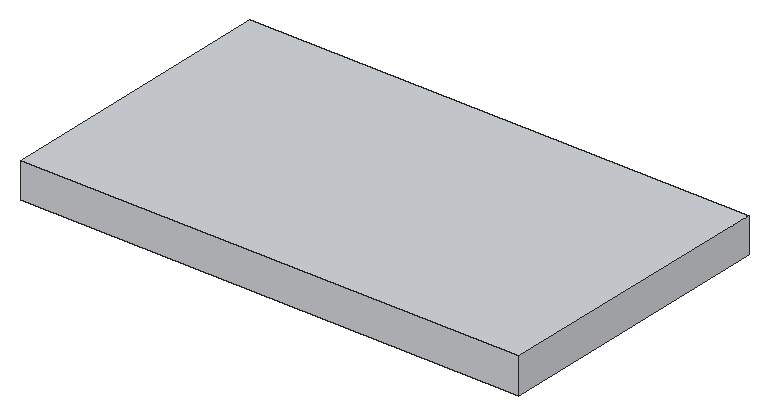
Revit family "3dad2a7aba86406fac6e86f7b88e18f8", category Electrical Equipment, host Face, Revit 2021
Family settings
  Host = Face
  Round Connector Dimension = Use Diameter
  Part Type = Other Panel
  OmniClass Number = 23.85.30.21.11.14
  OmniClass Title = Alarm Panels
  Seek Item ID = Annunciator Panel-0000-USA-ENU
  Cut with Voids When Loaded = No
  Shared = No
  Room Calculation Point = No
Parameters (values of type "Standard")
  Width = 1' - 0 1/4"
  Panel Material = none
  Length = 1' - 9 1/4"
  Height = 0' - 1 1/2"
  Default Elevation = 4' - 0"
Reference planes (in)
  plane 1 "Center (Front/Back)": y = 0
  plane 2: z = 0
  plane 3 "Center (Left/Right)": x = 0
  plane 4: x = -10.625
  plane 5: x = 10.625
  plane 6: y = -12.25
  plane 7: z = 1.5
Forms (in)
  Extrusion 1, solid, material <- "Panel Material"
    sketch origin (0, 0, 0) x (1, 0, 0) y (0, 1, 0)
      loop
        line (-10.625, 0) -> (-10.625, -12.25) -> (10.625, -12.25) -> (10.625, 0) -> (-10.625, 0)
    from 0 to 1.5
Dimensions and locks (in)
  "Width": plane 1 "Center (Front/Back)" to plane 6
  equal spacing: plane 4, plane 3 "Center (Left/Right)", plane 5
  "Length": plane 4 to plane 5
  "Height": plane 7 to plane 2
  aligned and locked: plane 2 to host face
  aligned and locked: level to host face
  aligned and locked: plane 4 to Extrusion 1 sketch curve
  aligned and locked: plane 1 "Center (Front/Back)" to Extrusion 1 sketch curve
  aligned and locked: plane 6 to Extrusion 1 sketch curve
  aligned and locked: Extrusion 1 sketch curve to plane 5
  aligned and locked: Extrusion 1 to plane 2
  aligned and locked: plane 7 to Extrusion 1
  aligned and locked: plane 5 to Extrusion 1
  aligned and locked: plane 2 to nested 1
  aligned and locked: plane 7 to nested 1
  aligned and locked: plane 4 to nested 1
  aligned and locked: plane 5 to nested 1
Automatic sketch dimensions
  host sketch curve to host sketch curve = 8' - 0"  (x2)
Nested families (in)
  nested 1: "Annunciator Panel Annotation" at (21.5, 0, -6.75) x (1, 0, 0) z (0, -1, 0), type "Annunciator Panel Annotation", detail levels coarse+medium
    with Width 0' - 1 1/2", Length 1' - 9 1/4"
Connectors (in)
  electrical at (0, 0, 0.75)
    settings: on Extrusion 1, index 1, voltage 0 V, apparent load 0 VA, apparent load phase1 0 VA, apparent load phase2 0 VA, apparent load phase3 0 VA, power factor 1, load classification "Other", number of poles 1, system type 11, power factor state 1, is connector primary yes, connector utility no, sub classification motor no, connector description ""
  cabletrayconduit at (0, 0, 0.75), diameter 24
    settings: on Extrusion 1, index 2, connector width 1' - 0", connector height 1' - 0", connector angle 0.00°, system type 32, placement type 1, profile type 0, connector reference index -1, is primary connector yes, connector utility param no, connector description ""
  cabletrayconduit at (-10.625, -6.125, 0.75), diameter 24
    settings: on Extrusion 1, index 3, connector width 1' - 0", connector height 1' - 0", connector angle 0.00°, system type 32, placement type 1, profile type 0, connector reference index -1, is primary connector no, connector utility param no, connector description ""
  cabletrayconduit at (10.625, -6.125, 0.75), diameter 24
    settings: on Extrusion 1, index 4, connector width 1' - 0", connector height 1' - 0", connector angle 0.00°, system type 32, placement type 1, profile type 0, connector reference index -1, is primary connector no, connector utility param no, connector description ""
  cabletrayconduit at (0, -6.125, 0), diameter 24
    settings: on Extrusion 1, index 5, connector width 1' - 0", connector height 1' - 0", connector angle 0.00°, system type 32, placement type 1, profile type 0, connector reference index -1, is primary connector no, connector utility param no, connector description ""
  cabletrayconduit at (0, -12.25, 0.75), diameter 24
    settings: on Extrusion 1, index 6, connector width 1' - 0", connector height 1' - 0", connector angle 0.00°, system type 32, placement type 1, profile type 0, connector reference index -1, is primary connector no, connector utility param no, connector description ""
Definition of nested family "Annunciator Panel Annotation"
  Parameters
    Width [instance] = 0' - 5"
    Length [instance] = 0' - 5"
    Assembly Code = ""
  Reference planes (in)
    plane 1 "Center (Front/Back)": y = 7.5
    plane 2: z = 0
    plane 3 "Center (Left/Right)": x = -21.5
    plane 4: x = -24
    plane 5: x = -19
    plane 6: y = 10
    plane 7: y = 5
  Lines and regions (in)
    Filled region 1, type "Solid Fill - Black", in view "Ref. Level"
      outline origin (-8.97937, 8.19179, 0) x (1, 0, 0) y (0, 1, 0)
        loop
          line (-12.90074, -0.47206) -> (-13.05029, -0.84221) -> (-12.99595, -0.84221) -> (-12.95281, -0.72984) -> (-12.79733, -0.72984) -> (-12.75696, -0.84221) -> (-12.70527, -0.84221) -> (-12.84714, -0.47206) -> (-12.90074, -0.47206)
        loop
          line (-12.81054, -0.68987) -> (-12.87224, -0.51066) -> (-12.93747, -0.68987) -> (-12.81054, -0.68987)
        loop
          line (-12.54556, -0.47206) -> (-12.69511, -0.84221) -> (-12.64077, -0.84221) -> (-12.59764, -0.72984) -> (-12.44216, -0.72984) -> (-12.40179, -0.84221) -> (-12.35009, -0.84221) -> (-12.49197, -0.47206) -> (-12.54556, -0.47206)
        loop
          line (-12.51707, -0.51066) -> (-12.5823, -0.68987) -> (-12.45536, -0.68987) -> (-12.51707, -0.51066)
        loop
          line (-12.33536, -0.47206) -> (-12.33536, -0.5165) -> (-12.13138, -0.5165) -> (-12.13138, -0.63166) -> (-12.30846, -0.63166) -> (-12.30846, -0.67463) -> (-12.13138, -0.67463) -> (-12.13138, -0.84221) -> (-12.0846, -0.84221) -> (-12.0846, -0.47206) -> (-12.33536, -0.47206)
    detail lines, in view "Ref. Level"
      curve 1: line (-24, 10, 0) -> (-19, 10, 0)
      curve 2: line (-24, 5, 0) -> (-24, 10, 0)
      curve 3: line (-19, 5, 0) -> (-24, 5, 0)
      curve 4: line (-19, 10, 0) -> (-19, 5, 0)
      curve 5: line (-21.32946, 7.34958, 0) -> (-21.38115, 7.34958, 0)
      curve 6: line (-21.47134, 7.71973, 0) -> (-21.52493, 7.71973, 0)
      curve 7: line (-21.52493, 7.71973, 0) -> (-21.67448, 7.34958, 0)
      curve 8: line (-21.67448, 7.34958, 0) -> (-21.62014, 7.34958, 0)
      curve 9: line (-21.47134, 7.71973, 0) -> (-21.32946, 7.34958, 0)
      curve 10: line (-21.62014, 7.34958, 0) -> (-21.57701, 7.46195, 0)
      curve 11: line (-21.57701, 7.46195, 0) -> (-21.42152, 7.46195, 0)
      curve 12: line (-21.42152, 7.46195, 0) -> (-21.38115, 7.34958, 0)
      curve 13: line (-21.56167, 7.50192, 0) -> (-21.49644, 7.68114, 0)
      curve 14: line (-21.49644, 7.68114, 0) -> (-21.43473, 7.50192, 0)
      curve 15: line (-21.43473, 7.50192, 0) -> (-21.56167, 7.50192, 0)
      curve 16: line (-21.31473, 7.71973, 0) -> (-21.06397, 7.71973, 0)
      curve 17: line (-21.06397, 7.71973, 0) -> (-21.06397, 7.34958, 0)
      curve 18: line (-21.06397, 7.34958, 0) -> (-21.11075, 7.34958, 0)
      curve 19: line (-21.11075, 7.34958, 0) -> (-21.11075, 7.51716, 0)
      curve 20: line (-21.11075, 7.51716, 0) -> (-21.28783, 7.51716, 0)
      curve 21: line (-21.28783, 7.51716, 0) -> (-21.28783, 7.56013, 0)
      curve 22: line (-21.28783, 7.56013, 0) -> (-21.11075, 7.56013, 0)
      curve 23: line (-21.11075, 7.56013, 0) -> (-21.11075, 7.6753, 0)
      curve 24: line (-21.11075, 7.6753, 0) -> (-21.31473, 7.6753, 0)
      curve 25: line (-21.31473, 7.6753, 0) -> (-21.31473, 7.71973, 0)
      curve 26: line (-21.68463, 7.34958, 0) -> (-21.73633, 7.34958, 0)
      curve 27: line (-21.82651, 7.71973, 0) -> (-21.88011, 7.71973, 0)
      curve 28: line (-21.88011, 7.71973, 0) -> (-22.02966, 7.34958, 0)
      curve 29: line (-22.02966, 7.34958, 0) -> (-21.97532, 7.34958, 0)
      curve 30: line (-21.82651, 7.71973, 0) -> (-21.68463, 7.34958, 0)
      curve 31: line (-21.97532, 7.34958, 0) -> (-21.93218, 7.46195, 0)
      curve 32: line (-21.93218, 7.46195, 0) -> (-21.7767, 7.46195, 0)
      curve 33: line (-21.7767, 7.46195, 0) -> (-21.73633, 7.34958, 0)
      curve 34: line (-21.91684, 7.50192, 0) -> (-21.85161, 7.68114, 0)
      curve 35: line (-21.85161, 7.68114, 0) -> (-21.78991, 7.50192, 0)
      curve 36: line (-21.78991, 7.50192, 0) -> (-21.91684, 7.50192, 0)
  Dimensions and locks (in)
    equal spacing: plane 4, plane 3 "Center (Left/Right)", plane 5
    "Length": plane 4 to plane 5
    equal spacing: plane 6, plane 1 "Center (Front/Back)", plane 7
    "Width": plane 6 to plane 7
    aligned and locked: plane 4 to curve 1
    aligned and locked: curve 1 to plane 6
    aligned and locked: plane 7 to curve 4
    aligned and locked: curve 4 to plane 5
    aligned and locked: Filled region 1 sketch curve to curve 28
    aligned and locked: Filled region 1 sketch curve to curve 27
    aligned and locked: Filled region 1 sketch curve to curve 30
    aligned and locked: Filled region 1 sketch curve to curve 26
    aligned and locked: Filled region 1 sketch curve to curve 33
    aligned and locked: Filled region 1 sketch curve to curve 32
    aligned and locked: Filled region 1 sketch curve to curve 31
    aligned and locked: Filled region 1 sketch curve to curve 29
    aligned and locked: Filled region 1 sketch curve to curve 36
    aligned and locked: Filled region 1 sketch curve to curve 35
    aligned and locked: Filled region 1 sketch curve to curve 34
    aligned and locked: Filled region 1 sketch curve to curve 7
    aligned and locked: Filled region 1 sketch curve to curve 6
    aligned and locked: Filled region 1 sketch curve to curve 9
    aligned and locked: Filled region 1 sketch curve to curve 14
    aligned and locked: Filled region 1 sketch curve to curve 13
    aligned and locked: Filled region 1 sketch curve to curve 15
    aligned and locked: Filled region 1 sketch curve to curve 12
    aligned and locked: Filled region 1 sketch curve to curve 11
    aligned and locked: Filled region 1 sketch curve to curve 10
    aligned and locked: Filled region 1 sketch curve to curve 8
    aligned and locked: Filled region 1 sketch curve to curve 5
    aligned and locked: Filled region 1 sketch curve to curve 16
    aligned and locked: Filled region 1 sketch curve to curve 25
    aligned and locked: Filled region 1 sketch curve to curve 24
    aligned and locked: Filled region 1 sketch curve to curve 17
    aligned and locked: Filled region 1 sketch curve to curve 23
    aligned and locked: Filled region 1 sketch curve to curve 22
    aligned and locked: Filled region 1 sketch curve to curve 21
    aligned and locked: Filled region 1 sketch curve to curve 20
    aligned and locked: Filled region 1 sketch curve to curve 19
    aligned and locked: Filled region 1 sketch curve to curve 18
  Automatic sketch dimensions
    curve 28 to curve 31 = 0' - 0.05434"
    curve 29 to curve 32 = 0' - 0.04314"
    curve 31 to curve 34 = 0' - 0.01534"
    curve 34 to curve 27 = 0' - 0.03673"
    curve 27 to curve 35 = 0' - 0.02849"
    curve 34 to curve 30 = 0' - 0.0251"
    curve 34 to curve 35 = 0' - 0.12694"
    curve 35 to curve 33 = 0' - 0.01321"
    curve 32 to curve 26 = 0' - 0.04037"
    curve 26 to curve 30 = 0' - 0.0517"
    curve 26 to curve 7 = 0' - 0.01015"
    curve 7 to curve 10 = 0' - 0.05434"
    curve 8 to curve 11 = 0' - 0.04314"
    curve 10 to curve 15 = 0' - 0.01534"
    curve 13 to curve 6 = 0' - 0.03673"
    curve 6 to curve 14 = 0' - 0.02849"
    curve 13 to curve 9 = 0' - 0.0251"
    curve 13 to curve 14 = 0' - 0.12694"
    curve 14 to curve 12 = 0' - 0.01321"
    curve 11 to curve 12 = 0' - 0.04037"
    curve 5 to curve 9 = 0' - 0.0517"
    curve 6 to curve 25 = 0' - 0.15661"
    curve 11 to curve 20 = 0' - 0.13369"
    curve 24 to curve 23 = 0' - 0.20398"
    curve 20 to curve 22 = 0' - 0"
    curve 23 to curve 17 = 0' - 0.04678"
    curve 27 to curve 25 = 0' - 0"
    curve 6 to curve 16 = 0' - 0"
    curve 14 to curve 6 = 0' - 0.03859"
    curve 35 to curve 27 = 0' - 0.03859"
    curve 24 to curve 16 = 0' - 0.04443"
    curve 21 to curve 24 = 0' - 0.11516"
    curve 20 to curve 21 = 0' - 0 11/256"
    curve 14 to curve 20 = 0' - 0.01524"
    curve 36 to curve 35 = 0' - 0.17921"
    curve 31 to curve 36 = 0' - 0.03997"
    curve 10 to curve 13 = 0' - 0.03997"
    curve 5 to curve 11 = 0' - 0.11237"
    curve 10 to curve 10 = 0' - 0.11237"
    curve 29 to curve 31 = 0' - 0.11237"
    curve 30 to curve 7 = 0' - 0"
    curve 17 to curve 19 = 0' - 0.16758"
    plane 1 "Center (Front/Back)" to curve 28 = 0' - 0.15042"
    curve 28 to plane 3 "Center (Left/Right)" = 0' - 0.52966"
